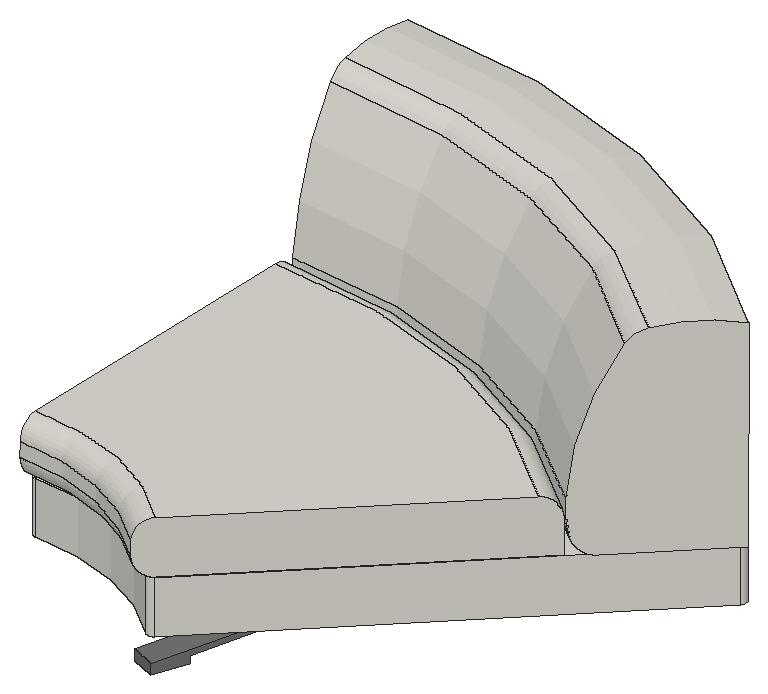
Revit family "Haworth_Kennedee_Sectional_Corner45", category Furniture, Revit 2018
Family settings
  OmniClass Number = 23.40.70.14.64.21
  OmniClass Title = Systems Furniture
  Work Plane-Based = No
  Always vertical = Yes
  Cut with Voids When Loaded = No
  Shared = No
  Room Calculation Point = No
Parameters (values of type "HCPF-KEB4")
  Warranty = "http://www.haworth.com/resources/product-info/warranties"
  Upholstery Finish [instance] = Haworth _ Leather _ PF Color System _ Latte 70-004
  URL - Product = "http://www.haworth.com/products/Seating/Lounge-Chairs/kennedee"
  URL = "http://www.haworth.com/our-brands/haworth-collection"
  Size = "Verify Final Dim. w/ Haworth"  # constant formula
  Revision Number = "4"  # constant formula
  Model = "HCPF-KEB4"
  Manufacturer = "Haworth"  # constant formula
  Description = "Haworth Kennedee Sectional Corner 45"
  Base Finish = Haworth _ Paint _ Metallic Gunmetal
  Author = "Haworth (Hampton)"  # constant formula
  Assembly Code = "E2020200"
Reference planes (in)
  plane 1 "Bench Center F/B": y = 0
  plane 2: z = 0
  plane 3 "Bench Left End": x = 0
  plane 4 "Bench Left": x = 0
  plane 5 "Bench Back": y = 17.5
  plane 6 "Bench Front": y = -18.75
  plane 7 "Slab Bottom": z = 6.64598
  plane 8 "Slab Top": z = 10.64598
  plane 9 "Cushion Top": z = 15.14598
  plane 10 "Back Top": z = 26.14598
  plane 11 "Arm Top": z = 20.89598
  plane 12 "Leg Left": through (18.71294, 10.41063, 48) normal (0.9239, -0.3827, 0)
  plane 13 "Leg Right": through (20.5607, 9.64526, 48) normal (0.9239, -0.3827, 0)
  plane 14 "Bench Right": through (12.59574, -24.78379, 48) normal (-0.7071, 0.7071, 0)
  plane 15 "Center": through (19.63682, 10.02794, 48) normal (0.9239, -0.3827, 0)
  plane 16 "Back Right": through (37.96532, 2.26653, 0) normal (-0.7071, -0.7071, 0)
  plane 17 "Front Right": through (12.33269, -23.36609, 0) normal (-0.7071, -0.7071, 0)
  plane 18 "Center FB Right": through (26.43132, -10.94821, 0) normal (0.7071, 0.7071, 0)
Forms (in)
  Extrusion 1, solid, material "Haworth _ Leather _ PF Color System _ Latte 70-004" <- "Upholstery Finish"
    sketch origin (0, 0, 0) x (1, 0, 0) y (0, 1, 0)
      loop
        arc (0, -18.25) -> (0.14645, -18.60355) -> (0.5, -18.75) r 0.5
        arc (0.5, -18.75) -> (7.21177, -19.99914) -> (12.90379, -23.76864) r 17.14262
        arc (12.90379, -23.76864) -> (13.25734, -23.91508) -> (13.61089, -23.76864) r 0.5
        line (13.61089, -23.76864) -> (38.53641, 1.15688)
        arc (38.53641, 1.15688) -> (38.68285, 1.51043) -> (38.53641, 1.86399) r 0.5
        arc (38.53641, 1.86399) -> (21.06242, 13.43849) -> (0.5, 17.5) r 54.08198
        arc (0.5, 17.5) -> (0.14645, 17.35355) -> (0, 17) r 0.5
        line (0, 17) -> (0, -18.25)
    from 6.64598 to 10.64598
  Extrusion 2, solid, material "Haworth _ Paint _ Metallic Gunmetal" <- "Base Finish"
    sketch origin (13.43983, -2.31978, 0) x (0.382683, 0.92388, 0) y (0, 0, 1)
      loop
        line (-4.41562, 1.82273) -> (-16.52388, 0.7653) -> (-16.52388, 0.00041) -> (-13.83907, 0.0004) -> (-13.82638, 0.54474) -> (-4.41402, 1.42903)
        arc (-4.41402, 1.42903) -> (-3.30047, 1.89028) -> (-2.83922, 3.00383) r 1.5748
        line (-2.83922, 3.00383) -> (-2.83921, 5.12901)
        arc (-2.83921, 5.12901) -> (-3.30046, 6.24257) -> (-4.41402, 6.70382) r 1.5748
        line (-4.41402, 6.70382) -> (-9.22157, 6.70382) -> (-9.22157, 6.31012) -> (-4.41561, 6.31012)
        arc (-4.41561, 6.31012) -> (-3.57932, 5.96371) -> (-3.23291, 5.12742) r 1.1827
        line (-3.23291, 5.12742) -> (-3.23292, 3.00543)
        arc (-3.23292, 3.00543) -> (-3.57932, 2.16913) -> (-4.41562, 1.82273) r 1.1827
      loop
        arc (4.41562, 1.82273) -> (3.57932, 2.16913) -> (3.23292, 3.00543) r 1.1827
        line (3.23292, 3.00543) -> (3.23291, 5.12742)
        arc (3.23291, 5.12742) -> (3.57932, 5.96371) -> (4.41561, 6.31012) r 1.1827
        line (4.41561, 6.31012) -> (9.22157, 6.31012) -> (9.22157, 6.70382) -> (4.41402, 6.70382)
        arc (4.41402, 6.70382) -> (3.30046, 6.24257) -> (2.83921, 5.12901) r 1.5748
        line (2.83921, 5.12901) -> (2.83922, 3.00383)
        arc (2.83922, 3.00383) -> (3.30047, 1.89028) -> (4.41402, 1.42903) r 1.5748
        line (4.41402, 1.42903) -> (13.82638, 0.54474) -> (13.83907, 0.0004) -> (16.52388, 0.00041) -> (16.52388, 0.7653) -> (4.41562, 1.82273)
      loop
        arc (-2.76257, 2.92998) -> (-2.30139, 1.81635) -> (-1.18776, 1.35517) r 1.57456
        line (-1.18776, 1.35517) -> (1.18776, 1.35517)
        arc (1.18776, 1.35517) -> (2.30139, 1.81635) -> (2.76257, 2.92998) r 1.57456
        line (2.76257, 2.92998) -> (2.76257, 6.6933) -> (2.36887, 6.6933) -> (2.36887, 2.93158)
        arc (2.36887, 2.93158) -> (2.02349, 2.09538) -> (1.18775, 1.74888) r 1.18112
        line (1.18775, 1.74888) -> (-1.18775, 1.74888)
        arc (-1.18775, 1.74888) -> (-2.024, 2.09589) -> (-2.36886, 2.93304) r 1.18112
        line (-2.36886, 2.93304) -> (-2.36886, 6.69331) -> (-2.76256, 6.69331) -> (-2.76256, 2.9247)
    from 0 to 2
  Revolve 3, solid, material "Haworth _ Leather _ PF Color System _ Latte 70-004" <- "Upholstery Finish"
    sketch origin (0, 0, 0) x (0, 1, 0) y (0, 0, 1)
      loop
        arc (17.5, 26.03791) -> (14.5, 26.38591) -> (11.5, 26.03791) r 13.10517
        arc (11.5, 26.03791) -> (10.68675, 25.67384) -> (10.06648, 25.03415) r 2.35959
        arc (10.06648, 25.03415) -> (7.61637, 20.01538) -> (6.49367, 14.54449) r 22.24285
        arc (6.49367, 14.54449) -> (6.49469, 13.38518) -> (6.67446, 12.23989) r 7.49585
        arc (6.67446, 12.23989) -> (7.28827, 11.10053) -> (8.5, 10.64598) r 1.84237
        line (8.5, 10.64598) -> (17.5, 10.64598) -> (17.5, 26.03791)
      axis (-37.5977, 10.64598) -> (-37.5977, 26.03791)
    angle from 0 to -45
  Revolve 4, solid, material "Haworth _ Leather _ PF Color System _ Latte 70-004" <- "Upholstery Finish"
    sketch origin (0, 0, 0) x (0, 1, 0) y (0, 0, 1)
      loop
        line (6.3759, 10.81229) -> (6.3759, 13.375)
        arc (6.3759, 13.375) -> (5.93656, 14.43566) -> (4.8759, 14.875) r 1.5
        line (4.8759, 14.875) -> (-18.1241, 14.875)
        arc (-18.1241, 14.875) -> (-19.17081, 14.45053) -> (-19.62622, 13.4169) r 1.50279
        line (-19.62622, 13.4169) -> (-19.62622, 12.29075)
        arc (-19.62622, 12.29075) -> (-19.19319, 11.24532) -> (-18.14776, 10.81229) r 1.47846
        line (-18.14776, 10.81229) -> (6.3759, 10.81229)
      axis (-37.5977, 10.81229) -> (-37.5977, 14.875)
    angle from 0 to -45
Lines and regions (in)
  Masking region 1
    outline origin (0, 0, 0) x (1, 0, 0) y (0, 1, 0)
      loop
        arc (0, -18.63335) -> (0.28289, -19.33031) -> (0.9715, -19.63294) r 1
        arc (0.9715, -19.63294) -> (6.83196, -20.88573) -> (11.86177, -24.14384) r 16.5462
        arc (11.86177, -24.14384) -> (12.56269, -24.41677) -> (13.25555, -24.12398) r 1
        line (13.25555, -24.12398) -> (38.27759, 0.89806)
        arc (38.27759, 0.89806) -> (38.53032, 1.5082) -> (38.27759, 2.11833) r 0.86286
        arc (38.27759, 2.11833) -> (21.13018, 13.41058) -> (1.00942, 17.4976) r 54.08198
        arc (1.00942, 17.4976) -> (0.29623, 17.20807) -> (0, 16.49765) r 1
        line (0, 16.49765) -> (0, -18.63335)
  symbolic lines
    curve 1: arc (0, 6.3759, 0) -> (16.75668, 3.05807, 0) -> (30.98476, -6.39477, 0) r 43.9736
Dimensions and locks (in)
  aligned and locked: Extrusion 1 to plane 7 "Slab Bottom"
  aligned and locked: plane 8 "Slab Top" to Extrusion 1
  aligned: plane 6 "Bench Front" to Extrusion 1
  aligned: plane 5 "Bench Back" to Extrusion 1
  aligned and locked: Extrusion 2 to plane 12 "Leg Left"
